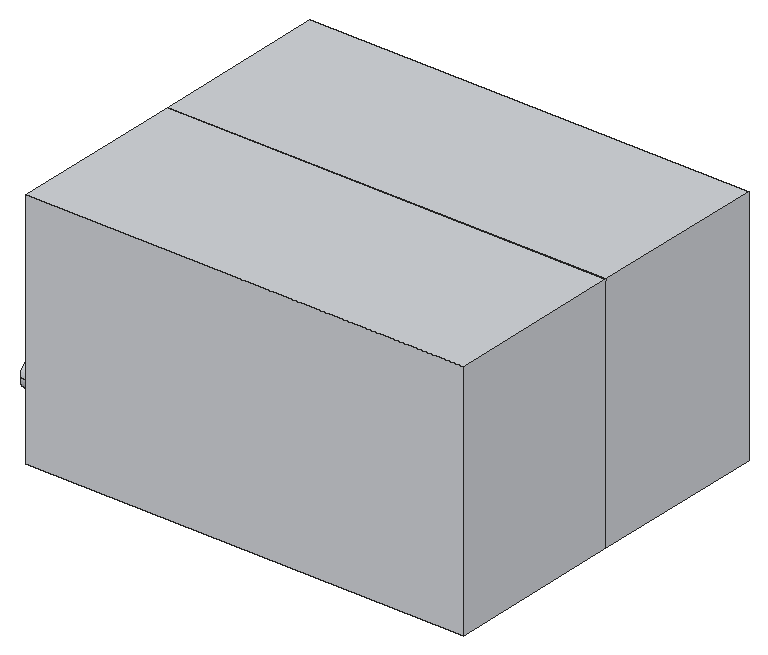
Revit family "Fan coil modular - Horizontal", category Equipamento mecânico, Revit 2019
Family settings
  Cota do conector redondo = Usar raio
  Tipo de parte = Normal
  ID de item do Seek = AHU Coil - Refrigerant - Indoor-0000-USA-ENU
  Com base no plano de trabalho = Não
  Sempre na vertical = Sim
  Corte com vazios quando carregada = Não
  Compartilhado = Não
  Ponto de cálculo do ambiente = Não
Parameters (values of type "Padrão")
  Queda de pressão da água [instance] = 0.0 Pa
  Comprimento da unidade = 800 mm
  Altura da conexão mecânica 2 = Altura da unidade de entrada - 100 mm  # 340 mm
  Altura da conexão mecânica 1 = 100 mm
  Altura da unidade de entrada = 440 mm
  Largura do duto de entrada = 750 mm
  Altura do duto de entrada = 390 mm
  Raio da drenagem = 20 mm
  Diâmetro da drenagem = Raio da drenagem * 2  # 40 mm
  Altura da unidade de descarga = 440 mm
  Largura do duto de descarga = 750 mm
  Altura do duto de descarga = 390 mm
  Largura da unidade combinada = 650 mm
  Fluxo de ar [instance] = 2833.2 m³/h
  Raio 2 = Raio da água mecânica + 25.4 mm  # 50.4 mm
  Raio 1 = Raio 2 / 2  # 25.2 mm
  Fluxo da drenagem [instance] = 0.0 L/s
  Material da serpentina = none
  Raio da água mecânica = 25 mm
  Fluxo da água [instance] = 1.0 L/s
  Diâmetro da água mecânica = Raio da água mecânica * 2  # 50 mm
  Queda de pressão do ar [instance] = 0.0 Pa
Reference planes
  plane 1 "Parte frontal": y = 0
  plane 2 "Inferior": z = 0
  plane 3 "Centro (direita/esquerda)": x = 0
  plane 4 "Esquerda": x = -400
  plane 5 "Direita": x = 400
  plane 6: y = 162.5
  plane 7 "Centro (Frente/Trás)": y = 325
  plane 8: y = 126.2
  plane 9: y = 25.4
  plane 10: y = 75.8
  plane 11 "Superior": z = 440
  plane 12: z = 415
  plane 13: z = 25
  plane 14: x = 375
  plane 15: x = -375
  plane 16: x = -450
  plane 17: x = -400
  plane 18: x = -450
  plane 19: z = 50
  plane 20: z = 100
  plane 21: z = 340
  plane 22: z = 220
  plane 23 "Base": z = 0
  plane 24 "Parte posterior": y = 650
  plane 25 "Altura do duto de descarga": z = 415
  plane 26 "Altura do duto de descarga 1": z = 25
  plane 27 "Esquerda do duto de descarga": x = -375
  plane 28 "Direita do duto de descarga": x = 375
  plane 29 "Topo da unidade de descarga": z = 440
  plane 30 "Descarga cl": z = 220
Forms (mm)
  Extrusion 1, solid, material <- "Material da serpentina"
    sketch origin (0, 0, 0) x (1, 0, 0) y (0, 0, 1)
      loop
        line (-400, 440) -> (-400, 0) -> (400, 0) -> (400, 440) -> (-400, 440)
    from -325 to 0
  Extrusion 2, solid, material <- "Material da serpentina"
    sketch origin (0, 0, 0) x (0, 1, 0) y (0, 0, 1)
      loop
        circle (162.5, 50) r 20
    from -450 to -400
  Extrusion 3, solid, material <- "Material da serpentina"
    sketch origin (0, 0, 0) x (0, 1, 0) y (0, 0, 1)
      loop
        circle (126.2, 340) r 25
      loop
        circle (75.8, 100) r 25
    from -450 to -400
  Extrusion 4, solid, material <- "Material da serpentina"
    sketch origin (0, 650, 0) x (-1, 0, 0) y (0, 0, 1)
      loop
        line (400, 440) -> (-400, 440) -> (-400, 0) -> (400, 0) -> (400, 440)
    from 0 to -325
Cuts and joins
  joined: Extrusion 1, Extrusion 2, Extrusion 3
Dimensions and locks
  equal spacing: plane 4 "Esquerda", plane 3 "Centro (direita/esquerda)", plane 5 "Direita"
  "Comprimento da unidade": plane 4 "Esquerda" to plane 5 "Direita"
  locked: plane 1 "Parte frontal" to plane 9 at 25.4
  "Raio 2": plane 10 to plane 9
  "Altura da unidade de entrada": plane 11 "Superior" to plane 2 "Inferior"
  equal spacing: plane 15, plane 3 "Centro (direita/esquerda)", plane 14
  "Largura do duto de entrada": plane 15 to plane 14
  plane 23 "Base" to plane 2 "Inferior" = 0 mm
  plane 4 "Esquerda" to plane 18 = 50 mm
  plane 17 to plane 16 = 50 mm
  "Altura da conexão mecânica 1": plane 20 to plane 2 "Inferior"
  "Altura da conexão mecânica 2": plane 21 to plane 2 "Inferior"
  equal spacing: plane 12, plane 22, plane 13
  equal spacing: plane 11 "Superior", plane 22, plane 23 "Base"
  "Altura do duto de entrada": plane 12 to plane 13
  "Raio 2": plane 10 to plane 8
  equal spacing: plane 1 "Parte frontal", plane 7 "Centro (Frente/Trás)", plane 24 "Parte posterior"
  equal spacing: plane 27 "Esquerda do duto de descarga", plane 3 "Centro (direita/esquerda)", plane 28 "Direita do duto de descarga"
  "Largura do duto de descarga": plane 27 "Esquerda do duto de descarga" to plane 28 "Direita do duto de descarga"
  "Altura da unidade de descarga": plane 29 "Topo da unidade de descarga" to plane 23 "Base"
  equal spacing: plane 29 "Topo da unidade de descarga", plane 30 "Descarga cl", plane 23 "Base"
  equal spacing: plane 25 "Altura do duto de descarga", plane 30 "Descarga cl", plane 26 "Altura do duto de descarga 1"
  "Altura do duto de descarga": plane 25 "Altura do duto de descarga" to plane 26 "Altura do duto de descarga 1"
  locked: plane 19 to plane 23 "Base" at 50
  equal spacing: plane 7 "Centro (Frente/Trás)", plane 6, plane 1 "Parte frontal"
  "Largura da unidade combinada": plane 24 "Parte posterior" to plane 1 "Parte frontal"
  "Raio da drenagem": radius of Extrusion 2 sketch curve
  "Raio da água mecânica": radius of Extrusion 3 sketch curve  (x2)
  aligned and locked: plane 4 "Esquerda" to Extrusion 1 sketch curve
  aligned and locked: Extrusion 1 sketch curve to plane 11 "Superior"
  aligned and locked: plane 2 "Inferior" to Extrusion 1 sketch curve
  aligned and locked: plane 5 "Direita" to Extrusion 1 sketch curve
  aligned and locked: plane 1 "Parte frontal" to Extrusion 1
  aligned and locked: plane 6 to Extrusion 2 sketch curve
  aligned and locked: plane 19 to Extrusion 2 sketch curve
  aligned and locked: Extrusion 2 to plane 16
  aligned and locked: plane 4 "Esquerda" to Extrusion 2
  aligned and locked: plane 10 to Extrusion 3 sketch curve
  aligned and locked: plane 20 to Extrusion 3 sketch curve
  aligned and locked: plane 8 to Extrusion 3 sketch curve
  aligned and locked: plane 21 to Extrusion 3 sketch curve
  aligned and locked: Extrusion 3 to plane 18
  aligned and locked: plane 17 to Extrusion 3
  aligned and locked: plane 17 to plane 4 "Esquerda"
  aligned and locked: Extrusion 4 to plane 4 "Esquerda"
  aligned and locked: Extrusion 4 to plane 5 "Direita"
  aligned and locked: Extrusion 4 to plane 23 "Base"
  aligned and locked: plane 29 "Topo da unidade de descarga" to Extrusion 4
  aligned and locked: Extrusion 4 to plane 7 "Centro (Frente/Trás)"
  aligned and locked: plane 7 "Centro (Frente/Trás)" to cut or joined group of Extrusion 1, Extrusion 2, Extrusion 3
Automatic sketch dimensions
  Extrusion 4 sketch curve to plane 28 "Direita do duto de descarga" = 25 mm
  Extrusion 4 sketch curve to plane 27 "Esquerda do duto de descarga" = 25 mm
  Extrusion 4 sketch curve to plane 11 "Superior" = 440 mm
  Extrusion 4 sketch curve to Extrusion 4 sketch curve = 440 mm
Connectors
  piping at (-450, 126.2, 340), diameter 50, driven by "Fluxo da água", driven by "Queda de pressão da água", driven by "Raio da água mecânica"
    settings: on cut or joined group of Extrusion 1, Extrusion 2, Extrusion 3, index 3, connector inside diameter 50 mm, connector length 0 mm, flow factor 0, pipe flow 1.0 L/s, pressure drop 0.0 Pa, fitting loss kfactor 0, connector angle 0.00°, fixture units 0, engagement length 0 mm, angle of deflection 0.00°, flow configuration 1, flow direction 2, fitting loss method 4, system type 8, joint type 0, gender type 0, connector reference index 4, connector utility 0, adjustable connector no, is connector primary yes, connector description "Saída de água resfriada"
  piping at (-450, 75.8, 100), diameter 50, driven by "Raio da água mecânica", driven by "Fluxo da água"
    settings: on cut or joined group of Extrusion 1, Extrusion 2, Extrusion 3, index 4, connector inside diameter 50 mm, connector length 0 mm, flow factor 0, pipe flow 1.0 L/s, pressure drop 0.0 Pa, fitting loss kfactor 0, connector angle 0.00°, fixture units 0, engagement length 0 mm, angle of deflection 0.00°, flow configuration 1, flow direction 1, fitting loss method 4, system type 7, joint type 0, gender type 0, connector reference index 3, connector utility 0, adjustable connector no, is connector primary no, connector description "Entrada de água resfriada"
  piping at (-450, 162.5, 50), diameter 40, driven by "Raio da drenagem", driven by "Fluxo da drenagem"
    settings: on cut or joined group of Extrusion 1, Extrusion 2, Extrusion 3, index 5, connector inside diameter 40 mm, connector length 0 mm, flow factor 0, pipe flow 0.0 L/s, pressure drop 0.0 Pa, fitting loss kfactor 0, connector angle 0.00°, fixture units 0, engagement length 0 mm, angle of deflection 0.00°, flow configuration 1, flow direction 2, fitting loss method 0, system type 16, joint type 0, gender type 0, connector reference index -1, connector utility 0, adjustable connector yes, is connector primary no, connector description "Saída da drenagem"
  hvac at (0, 0, 220), driven by "Altura do duto de entrada", driven by "Largura do duto de entrada"
    settings: on cut or joined group of Extrusion 1, Extrusion 2, Extrusion 3, index 8, duct flow 2833.2 m³/h, flow factor 0, pres drop 0.0 Pa, loss coef 0, conn angle 0.00°, conn width 750 mm, conn height 390 mm, conn diameter 609.6 mm, duct sys type 2, conn prof type 1, flow config 0, flow direction 1, loss method 0, conn ref index 9, conn util no, is conn primary yes, conn desc "Entrada de ar"
  hvac at (0, 650, 220), driven by "Altura do duto de descarga", driven by "Largura do duto de descarga", driven by "Fluxo de ar", driven by "Queda de pressão do ar"
    settings: on Extrusion 4, index 9, duct flow 2833.2 m³/h, flow factor 0, pres drop 0.0 Pa, loss coef 0, conn angle 0.00°, conn width 750 mm, conn height 390 mm, conn diameter 609.6 mm, duct sys type 1, conn prof type 1, flow config 0, flow direction 2, loss method 4, conn ref index 8, conn util no, is conn primary no, conn desc "Saída de ar"
Types in the file's own list only (14): name | Comprimento da unidade | Altura da conexão mecânica 2 | Altura da unidade de entrada | Largura do duto de entrada | Altura do duto de entrada | Altura da unidade de descarga | Largura do duto de descarga | Altura do duto de descarga | Largura da unidade combinada | Raio 2 | Raio 1
  1200m3/h | 765 mm | 340 mm | 440 mm | 715 mm | 390 mm | 440 mm | 715 mm | 390 mm | 880 mm | 50 mm | 25 mm
  1500m3/h | 1030 mm | 340 mm | 440 mm | 980 mm | 390 mm | 440 mm | 980 mm | 390 mm | 880 mm | 50 mm | 25 mm
  2000m3/h | 950 mm | 550 mm | 650 mm | 900 mm | 600 mm | 510 mm | 900 mm | 460 mm | 970 mm | 50 mm | 25 mm
  3000m3/h | 1135 mm | 690 mm | 790 mm | 1085 mm | 740 mm | 590 mm | 1085 mm | 540 mm | 1130 mm | 50 mm | 25 mm
  4400m3/h | 1420 mm | 690 mm | 790 mm | 1370 mm | 740 mm | 690 mm | 1370 mm | 640 mm | 1320 mm | 50 mm | 25 mm
  5500m3/h | 1470 mm | 800 mm | 900 mm | 1420 mm | 850 mm | 830 mm | 1420 mm | 780 mm | 1160 mm | 50 mm | 25 mm
  6000m3/h | 1470 mm | 1000 mm | 1100 mm | 1420 mm | 1050 mm | 830 mm | 1420 mm | 780 mm | 1160 mm | 50 mm | 25 mm
  7000m3/h | 1920 mm | 815 mm | 915 mm | 1870 mm | 865 mm | 1000 mm | 1870 mm | 950 mm | 1340 mm | 50 mm | 25 mm
  9000m3/h | 1920 mm | 1000 mm | 1100 mm | 1870 mm | 1050 mm | 1000 mm | 1870 mm | 950 mm | 1340 mm | 50 mm | 25 mm
  12000m3/h | 1870 mm | 1230 mm | 1330 mm | 1820 mm | 1280 mm | 1100 mm | 1820 mm | 1050 mm | 1600 mm | 50 mm | 25 mm
  15000m3/h | 2200 mm | 1285 mm | 1385 mm | 2150 mm | 1335 mm | 1100 mm | 2150 mm | 1050 mm | 1600 mm | 50 mm | 25 mm
  17500m3/h | 2770 mm | 1215 mm | 1315 mm | 2720 mm | 1265 mm | 1100 mm | 2720 mm | 1050 mm | 1600 mm | 50 mm | 25 mm
  20000m3/h | 2770 mm | 1415 mm | 1515 mm | 2720 mm | 1465 mm | 1220 mm | 2720 mm | 1170 mm | 1800 mm | 50 mm | 25 mm
  25000m3/h | 2770 mm | 1595 mm | 1695 mm | 2720 mm | 1645 mm | 1220 mm | 2720 mm | 1170 mm | 1800 mm | 50 mm | 25 mm
